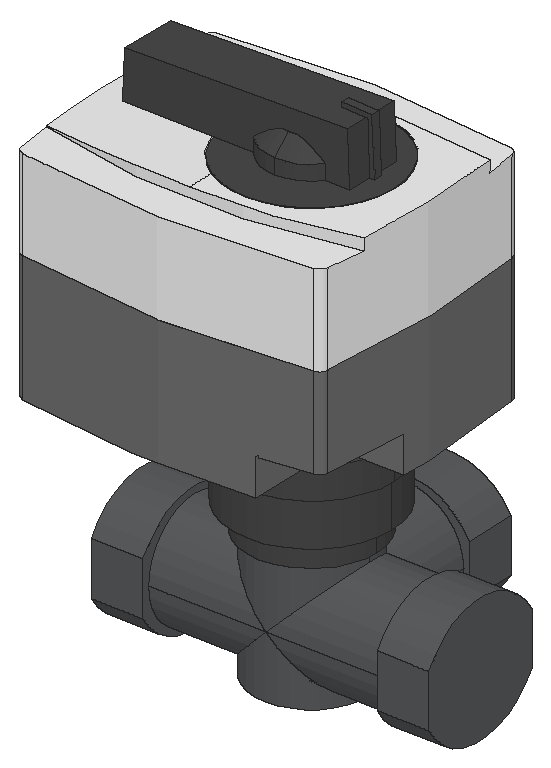
Revit family "HRE3_DN20-50_AMB 162(182)_RFA", category Pipe Accessories, Revit 2019
Family settings
  Round Connector Dimension = Use Diameter
  Part Type = Valve - Breaks Into
  OmniClass Number = 23.65.55.14.17
  OmniClass Title = Adjusting/Controlling Valves for Liquid Services
  Work Plane-Based = No
  Always vertical = Yes
  Cut with Voids When Loaded = No
  Shared = No
Parameters (values of type "HRE3_DN20_065Z0418")
  connector length = 16 mm
  horizontal body diameter = 36 mm
  h2 = 19.5 mm
  h1 = 21.2 mm
  diameter3 = 36 mm
  diameter2 = 40.7 mm
  diameter1 = 50 mm
  connector width = 40 mm
  connector radius = 23 mm
  connector height = 16.5 mm
  Weight = 0.90 kg
  W = 77.5 mm
  Voltage = if(or(Actuator Type = [082H0273], Actuator Type = [082H0228], Actuator Type = [082H0225], Actuator Type = [082H0226], Actuator Type = [082H0229], Actuator Type = [082H0227], Actuator Type = [082H0277], Actuator Type = [082H0240], Actuator Type = [082H0239], Actuator Type = [082H0232]), 230 V, 24 V)  # 24 V
  Valve Body Material = Danfoss Cast Iron
  URL = "https://store.danfoss.com/en/Climate-Solutions-for-heating/Motorised-Control-Valves-/Rotary-Valves/Valves-for-Central-Heating/c/4115?q=%3Arelevance%3Adanfoss_producttypehierarchydesc%3A15ef0707cdc27c39cfdaf8e502c7d64a7072a8a2&text="
  Pressure Drop [instance] = 0.0 Pa
  Power = if(or(Actuator Type = [082H0277], Actuator Type = [082H0276], Actuator Type = [082H0240], Actuator Type = [082H0239], Actuator Type = [082H0232], Actuator Type = [082H0236], Actuator Type = [082H0235], Actuator Type = [082H0231], Actuator Type = [082H0241]), 3.5 VA, 2.5 VA)  # 2.5 VA
  Operating Torque = "5 Nm"  # constant formula
  Nominal Pressure = "PN 6"  # constant formula
  Model Type = "HRE3_DN20"
  Model = "065Z0418"
  Min Medium Temperature = "2°C"  # constant formula
  Max Medium Temperature = "110 °C"  # constant formula
  Manufacturer = "Danfoss"  # constant formula
  LOD 350 = not(LOD 200)  # yes
  LOD 200 = no
  L = 105 mm
  Kvs = 6.3 m³/h
  IfcExportType = "HRE3"  # constant formula
  IfcExportAs = "IfcValveType"  # constant formula
  Ha = 143.885 mm
  H = 163.885 mm
  Flow [instance] = 0.0 m³/h
  Description = "Motorized Control Valve"  # constant formula
  D = 20 mm
  Connection = "Internal Thread"  # constant formula
  Actuator Type = AMB 162(182)_RFA : AMB 162_3-point_24V_30s/°_082H0211_082H0216
  A = 52.5 mm
  082H0277 = AMB 162(182)_RFA : AMB 182_2-point_230V_60s/°_082H0275_082H0277
  082H0276 = AMB 162(182)_RFA : AMB 182_2-point_24V_60s/°_082H0274_082H0276
  082H0273 = AMB 162(182)_RFA : AMB 162_2-point_230V_15s/°_082H0271_082H0273
  082H0241 = AMB 162(182)_RFA : AMB 182_Modulating_24V_60/90/120s/°_082H0241
  082H0240 = AMB 162(182)_RFA : AMB 182_3-point_230V_240s/°_082H0238_082H0240
  082H0239 = AMB 162(182)_RFA : AMB 182_3-point_230V_60s/°_082H0237_082H0239
  082H0236 = AMB 162(182)_RFA : AMB 182_3-point_24V_240s/°_082H0234_082H0236
  082H0235 = AMB 162(182)_RFA : AMB 182_3-point_24V_60s/°_082H0233_082H0235
  082H0232 = AMB 162(182)_RFA : AMB 182_3-point_230V_60s/°_10Nm_082H0232
  082H0231 = AMB 162(182)_RFA : AMB 182_3-point_24V_60s/°_10Nm_082H0231
  082H0229 = AMB 162(182)_RFA : AMB 162_3-point_230V_480s/°_082H0224_082H0229
  082H0228 = AMB 162(182)_RFA : AMB 162_3-point_230V_120s/°_082H0223_082H0228
  082H0227 = AMB 162(182)_RFA : AMB 162_3-point_230V_60s/°_082H0222_082H0227
  082H0226 = AMB 162(182)_RFA : AMB 162_3-point_230V_30s/°_082H0221_082H0226
  082H0225 = AMB 162(182)_RFA : AMB 162_3-point_230V_15s/°_082H0220_082H0225
Types (6, lengths in mm): name | connector length | horizontal body diameter | h2 | h1 | diameter3 | diameter2 | diameter1 | connector width | connector radius | connector height | Weight | W | Model Type | Model | L | Kvs | Ha | H | D | A
  (no name) | 16 | 36 | 19.5 | 21.2 | 36 | 40.7 | 50 | 40 | 23 | 16.5 | 0.90 kg | 77.5 | "HRE3_DN20" | "065Z0418" | 105 | 6.3 m³/h | 143.885 | 163.885 | 20 | 52.5
  HRE3_DN20_065Z0418 | 16 | 36 | 19.5 | 21.2 | 36 | 40.7 | 50 | 40 | 23 | 16.5 | 0.90 kg | 77.5 | "HRE3_DN20" | "065Z0418" | 105 | 6.3 m³/h | 143.885 | 163.885 | 20 | 52.5
  HRE3_DN25_065Z0419 | 16 | 44 | 22 | 26 | 45 | 49.7 | 60 | 46 | 27 | 21.2 | 1.20 kg | 84 | "HRE3_DN25" | "065Z0419" | 108 | 10.0 m³/h | 148.685 | 171.685 | 25 | 54
  HRE3_DN32_065Z0420 | 16 | 51 | 27.5 | 36 | 51 | 55.8 | 66 | 55 | 31.5 | 21.3 | 1.60 kg | 90.5 | "HRE3_DN32" | "065Z0420" | 115 | 16.0 m³/h | 158.685 | 185.685 | 32 | 57.5
  HRE3_DN40_065Z0421 | 20 | 60 | 28 | 36 | 58 | 62.8 | 73 | 60 | 34 | 24.7 | 2.00 kg | 96.5 | "HRE3_DN40" | "065Z0421" | 120 | 25.0 m³/h | 158.685 | 188.685 | 40 | 60
  HRE3_DN50_065Z0422 | 20 | 72 | 32 | 42 | 71 | 75.9 | 86 | 80 | 45 | 32.9 | 3.90 kg | 121 | "HRE3_DN50" | "065Z0422" | 156 | 40.0 m³/h | 164.685 | 205.685 | 50 | 78
Reference planes
  plane 1 "Center (Front/Back)": y = 0
  plane 2: z = 0
  plane 3 "Center (Left/Right)": x = 0
  plane 4: x = -52.5
  plane 5: x = 52.5
  plane 6: z = 29.2
  plane 7: y = 52.5
  plane 8: z = 43.2
  plane 9: z = 44.7
  plane 10: z = 21.2
  plane 11: z = -19.5
  plane 12: x = -36.5
  plane 13: x = 36.5
  plane 14: z = -18
  plane 15: z = 18
  plane 16: y = -20
  plane 17: y = 20
  plane 18: y = -27.5
  plane 19: y = 27.5
  plane 20: y = 36.5
  plane 21: x = 20
  plane 22: x = -20
  plane 23: y = -25
  plane 24: z = 605.203
  plane 25: z = 87.735
  plane 26: z = -19.965
  plane 27: z = 143.885
  plane 28: z = -20
Forms (mm)
  Extrusion 1, solid, material "Danfoss Plastic Black", visible <- "LOD 350", detail levels fine
    sketch origin (0, 0, 0) x (1, 0, 0) y (0, 1, 0)
      loop
        circle (0, 0) r 5.8
    from 43.2 to 44.7
  Extrusion 2, solid, material "Danfoss Plastic Black", visible <- "LOD 350", detail levels fine
    sketch origin (0, 0, 0) x (1, 0, 0) y (0, 1, 0)
      loop
        circle (0, 0) r 25
    from 29.2 to 43.2
  Extrusion 3, solid, material "Danfoss Plastic Black", visible <- "LOD 350", detail levels fine
    sketch origin (0, 0, 0) x (1, 0, 0) y (0, 1, 0)
      loop
        circle (0, 0) r 20.35
    from 21.2 to 29.2
  Extrusion 4, solid, material "Danfoss Cast Iron" <- "Valve Body Material", detail levels fine
    sketch origin (0, 0, 0) x (1, 0, 0) y (0, 1, 0)
      loop
        circle (0, 0) r 18
    from -19.5 to 21.2
  Extrusion 5, solid, material "Danfoss Cast Iron" <- "Valve Body Material", visible <- "LOD 350", detail levels fine
    sketch origin (0, 0, 0) x (0, 1, 0) y (0, 0, 1)
      loop
        circle (0, 0) r 18
    from -36.5 to 36.5
  Extrusion 6, solid, material "Danfoss Cast Iron" <- "Valve Body Material", visible <- "LOD 350", detail levels fine
    sketch origin (0, 0, 0) x (0, 1, 0) y (0, 0, 1)
      loop
        arc (-20, -8.25) -> (0, -19.892) -> (20, -8.25) r 23
        line (20, -8.25) -> (20, 8.25)
        arc (20, 8.25) -> (0, 19.892) -> (-20, 8.25) r 23
        line (-20, 8.25) -> (-20, -8.25)
    from 36.5 to 52.5
  Extrusion 7, solid, material "Danfoss Cast Iron" <- "Valve Body Material", visible <- "LOD 350", detail levels fine
    sketch origin (19.35, 72.838, 0) x (-1, 0, 0) y (0, 0, 1)
      loop
        arc (-0.65, -8.25) -> (19.35, -19.892) -> (39.35, -8.25) r 23
        line (39.35, -8.25) -> (39.35, 8.25)
        arc (39.35, 8.25) -> (19.35, 19.892) -> (-0.65, 8.25) r 23
        line (-0.65, 8.25) -> (-0.65, -8.25)
    from -36.338 to -20.338
  Extrusion 8, solid, material "Danfoss Cast Iron" <- "Valve Body Material", visible <- "LOD 350", detail levels fine
    sketch origin (55.623, 150.351, 0) x (-1, 0, 0) y (0, 0, 1)
      loop
        circle (55.623, 0) r 18
    from -150.351 to -113.851
  Extrusion 9, solid, material "Danfoss Cast Iron" <- "Valve Body Material", visible <- "LOD 350", detail levels fine
    sketch origin (0, 0, 0) x (0, 1, 0) y (0, 0, 1)
      loop
        arc (-20, -8.25) -> (0, -19.892) -> (20, -8.25) r 23
        line (20, -8.25) -> (20, 8.25)
        arc (20, 8.25) -> (0, 19.892) -> (-20, 8.25) r 23
        line (-20, 8.25) -> (-20, -8.25)
    from -52.5 to -36.5
  Extrusion 10, solid, material "Danfoss Cast Iron" <- "Valve Body Material", visible <- "LOD 200", detail levels fine
    sketch origin (0, 0, 0) x (0, 1, 0) y (0, 0, 1)
      loop
        circle (0, 0) r 20
    from -52.5 to 52.5
  Extrusion 11, solid, material "Danfoss Plastic Black", visible <- "LOD 200", detail levels fine
    sketch origin (0, 0, 0) x (1, 0, 0) y (0, 1, 0)
      loop
        circle (0, 0) r 25
    from 21.2 to 44.7
  Extrusion 12, solid, material "Danfoss Cast Iron" <- "Valve Body Material", visible <- "LOD 200", detail levels fine
    sketch origin (0, 0, 0) x (1, 0, 0) y (0, 0, 1)
      loop
        circle (0, 0) r 20
    from -52.5 to 0
Dimensions and locks
  equal spacing: plane 5, plane 3 "Center (Left/Right)", plane 4
  "L": plane 5 to plane 4
  "A": plane 7 to plane 1 "Center (Front/Back)"
  locked: plane 8 to plane 6 at 14
  locked: plane 9 to plane 8 at 1.5
  locked: plane 6 to plane 10 at 8
  "h1": plane 10 to level
  "h2": level to plane 11
  equal spacing: plane 15, level, plane 14
  "horizontal body diameter": plane 15 to plane 14
  equal spacing: plane 16, plane 1 "Center (Front/Back)", plane 17
  "connector width": plane 16 to plane 17
  "connector length": plane 13 to plane 5
  "connector length": plane 12 to plane 4
  equal spacing: Extrusion 6 sketch curve, level, Extrusion 6 sketch curve  (x2)
  "connector height": Extrusion 6 sketch curve to Extrusion 6 sketch curve  (x2)
  "connector length": plane 7 to plane 20
  "connector height": Extrusion 7 sketch curve to Extrusion 7 sketch curve  (x2)
  equal spacing: plane 22, plane 3 "Center (Left/Right)", plane 21
  "connector width": plane 22 to plane 21
  equal spacing: Extrusion 7 sketch curve, level, Extrusion 7 sketch curve  (x2)
  "connector height": Extrusion 9 sketch curve to Extrusion 9 sketch curve  (x2)
  equal spacing: Extrusion 9 sketch curve, level, Extrusion 9 sketch curve  (x2)
  "W": plane 23 to plane 7
  locked: plane 25 to plane 9 at 43.035
  "H": plane 27 to plane 28
  "Ha": plane 27 to level
  "diameter1": diameter of Extrusion 2 sketch curve
  "diameter2": diameter of Extrusion 3 sketch curve
  "diameter3": diameter of Extrusion 4 sketch curve
  "horizontal body diameter": diameter of Extrusion 5 sketch curve
  "connector radius": radius of Extrusion 6 sketch curve  (x2)
  "connector radius": radius of Extrusion 7 sketch curve  (x2)
  "horizontal body diameter": diameter of Extrusion 8 sketch curve
  "connector radius": radius of Extrusion 9 sketch curve  (x2)
  "connector width": diameter of Extrusion 10 sketch curve
  "diameter1": diameter of Extrusion 11 sketch curve
  "connector width": diameter of Extrusion 12 sketch curve
  aligned and locked: level to plane 2
  aligned and locked: plane 9 to Extrusion 1
  aligned and locked: Extrusion 1 to plane 8
  aligned and locked: plane 6 to Extrusion 2
  aligned and locked: plane 8 to Extrusion 2
  aligned and locked: Extrusion 3 to plane 10
  aligned and locked: Extrusion 3 to plane 6
  aligned and locked: Extrusion 4 to plane 11
  aligned and locked: plane 10 to Extrusion 4
  aligned and locked: plane 12 to Extrusion 5
  aligned and locked: Extrusion 5 to plane 13
  aligned and locked: plane 13 to Extrusion 6
  aligned and locked: plane 5 to Extrusion 6
  aligned and locked: plane 16 to Extrusion 6 sketch curve
  aligned and locked: Extrusion 7 to plane 20
  aligned and locked: plane 7 to Extrusion 7
  aligned and locked: plane 21 to Extrusion 7 sketch curve
  aligned and locked: plane 22 to Extrusion 7 sketch curve
  aligned and locked: plane 1 "Center (Front/Back)" to Extrusion 8
  aligned and locked: plane 20 to Extrusion 8
  aligned and locked: Extrusion 9 to plane 4
  aligned and locked: Extrusion 9 to plane 12
  aligned and locked: Extrusion 10 to plane 4
  aligned and locked: plane 5 to Extrusion 10
  aligned and locked: plane 9 to Extrusion 11
  aligned and locked: Extrusion 11 to plane 10
  aligned and locked: plane 7 to Extrusion 12
  aligned and locked: plane 1 "Center (Front/Back)" to Extrusion 12
  aligned and locked: plane 1 "Center (Front/Back)" to nested 2
  aligned and locked: plane 3 "Center (Left/Right)" to nested 2
  aligned and locked: plane 8 to nested 2
Automatic sketch dimensions
  plane 1 "Center (Front/Back)" to Extrusion 1 sketch curve = 0 mm
  Extrusion 1 sketch curve to plane 3 "Center (Left/Right)" = 0 mm
  plane 1 "Center (Front/Back)" to Extrusion 2 sketch curve = 0 mm
  Extrusion 2 sketch curve to plane 3 "Center (Left/Right)" = 0 mm
  plane 1 "Center (Front/Back)" to Extrusion 3 sketch curve = 0 mm
  Extrusion 3 sketch curve to plane 3 "Center (Left/Right)" = 0 mm
  plane 1 "Center (Front/Back)" to Extrusion 4 sketch curve = 0 mm
  Extrusion 4 sketch curve to plane 3 "Center (Left/Right)" = 0 mm
  Extrusion 5 sketch curve to level = 0 mm
  Extrusion 5 sketch curve to plane 1 "Center (Front/Back)" = 0 mm
  Extrusion 6 sketch curve to plane 1 "Center (Front/Back)" = 0 mm
  Extrusion 8 sketch curve to level = 0 mm
  Extrusion 8 sketch curve to plane 3 "Center (Left/Right)" = 0 mm
  Extrusion 9 sketch curve to plane 16 = 0 mm
  Extrusion 9 sketch curve to plane 1 "Center (Front/Back)" = 0 mm
  Extrusion 10 sketch curve to level = 0 mm
  Extrusion 10 sketch curve to plane 1 "Center (Front/Back)" = 0 mm
  plane 1 "Center (Front/Back)" to Extrusion 11 sketch curve = 0 mm
  Extrusion 11 sketch curve to plane 3 "Center (Left/Right)" = 0 mm
  Extrusion 12 sketch curve to level = 0 mm
  Extrusion 12 sketch curve to plane 3 "Center (Left/Right)" = 0 mm
  radius of Extrusion 1 sketch curve = 5.8 mm
Nested families
  nested 1: "HRE3 Symbol_Actuator" at (0, 0, 0), horiontal body diameter <- "horizontal body diameter", A <- "A", length <- "L", type "HRE3 Symbol _Actuator", detail levels coarse+medium
    with length 105 mm, horiontal body diameter 36 mm, D/2 18 mm, A 52.5 mm
  nested 2: "AMB 162(182)_RFA" at (0, 0, 43.2), LOD 200 <- "LOD 200", Voltage <- "Voltage", Power <- "Power", type <- "Actuator Type", type "AMB 162_3-point_24V_30s/°_082H0211_082H0216", detail levels fine
    with Voltage 24 V, Power 2.5 VA, LOD 350 yes, LOD 200 no
Connectors
  piping at (52.5, 0, 0), diameter 20, driven by "D", driven by "Flow"
    settings: on Extrusion 6, index 1, connector inside diameter 609.6 mm, connector length 0 mm, flow factor 0, pipe flow 0.0 m³/h, pressure drop 0.0 Pa, fitting loss kfactor 0, connector angle 0.00°, fixture units 0, engagement length 0 mm, angle of deflection 0.00°, flow configuration 0, flow direction 0, fitting loss method 0, system type 29, joint type 0, gender type 0, connector reference index 2, connector utility 0, adjustable connector no, is connector primary yes, connector description ""
  piping at (-52.5, 0, 0), diameter 20, driven by "D", driven by "Flow"
    settings: on Extrusion 9, index 2, connector inside diameter 609.6 mm, connector length 0 mm, flow factor 0, pipe flow 0.0 m³/h, pressure drop 0.0 Pa, fitting loss kfactor 0, connector angle 0.00°, fixture units 0, engagement length 0 mm, angle of deflection 0.00°, flow configuration 0, flow direction 0, fitting loss method 0, system type 29, joint type 0, gender type 0, connector reference index 1, connector utility 0, adjustable connector no, is connector primary no, connector description ""
  piping at (0, 52.5, 0), diameter 20, driven by "D", driven by "Flow"
    settings: on Extrusion 12, index 3, connector inside diameter 609.6 mm, connector length 0 mm, flow factor 0, pipe flow 0.0 m³/h, pressure drop 0.0 Pa, fitting loss kfactor 0, connector angle 0.00°, fixture units 0, engagement length 0 mm, angle of deflection 0.00°, flow configuration 0, flow direction 0, fitting loss method 0, system type 29, joint type 0, gender type 0, connector reference index -1, connector utility 0, adjustable connector no, is connector primary no, connector description ""
  electrical at (0, 0, 0), driven by "Voltage", driven by "Power"
    settings: index 10, voltage 24 V, apparent load 0 VA, apparent load phase1 2.5 VA, apparent load phase2 0 VA, apparent load phase3 0 VA, power factor 0.95, load classification "HVAC", number of poles 1, system type 31, power factor state 1, is connector primary yes, connector utility no, sub classification motor no, connector description ""
Definition of nested family "AMB 162(182)_RFA"
  Parameters (values of type "AMB 182_Modulating_24V_60/90/120s/°_082H0241")
    With Auxiliary Switch = "NA"
    Weight = 0.80 kg
    W = 84 mm
    Voltage [instance] = 24 V
    URL = "https://store.danfoss.com/en/Climate-Solutions-for-heating/Motorised-Control-Valves/Actuators-without-safety-function-for-rotary-valves/c/4113?q=%3Arelevance&text="
    Type Comments = ""
    Speed = "60/90/120 s/°"
    Power Supply = "24 VAC/DC"
    Power Consumption = "3.5 VA"
    Power [instance] = 3.5 VA
    Operating Torque = "15 Nm"
    Model Type = "AMB 182_Modulating_24V_60/90/120s/°"
    Model = "082H0241"
    Min Ambient Temperature = "0 °C"  # constant formula
    Max Medium Temperature = "110 °C"  # constant formula
    Max Ambient Temperature = "50 °C"  # constant formula
    Manufacturer = "Danfoss"  # constant formula
    LOD 350 [instance] = not(LOD 200)  # yes
    LOD 200 [instance] = no
    L = 101 mm
    IfcExportType = "AMB Actuator"  # constant formula
    IfcExportAs = "IfcActuatorType"  # constant formula
    H = 100.685 mm
    For Rotary Valve DN = "DN15-150"
    Description = "Gear Actuator"  # constant formula
    Control Input Signal = "Modulating"
    Body Material = none
  Types (22, lengths in mm): name | With Auxiliary Switch | Weight | Voltage | Speed | Power Supply | Power Consumption | Power | Operating Torque | Model Type | Model | For Rotary Valve DN | Control Input Signal
    AMB 162_2-point_24V_15s/°_082H0270_082H0272 | "082H0272" | 0.70 kg | 24 V | "15 s/°" | "24 VAC" | "2.5 VA" | 2.5 VA | "5 Nm" | "AMB 162_2-point_24V_15s/°" | "082H0270, 082H0272" | "DN15-50" | "2-point"
    AMB 162_3-point_230V_15s/°_082H0220_082H0225 | "082H0225" | 0.70 kg | 230 V | "15 s/°" | "230 VAC" | "2.5 VA" | 2.5 VA | "5 Nm" | "AMB 162_3-point_230V_15s/°" | "082H0220, 082H0225" | "DN15-50" | "3-point"
    AMB 162_2-point_230V_15s/°_082H0271_082H0273 | "082H0273" | 0.70 kg | 230 V | "15 s/°" | "230 VAC" | "2.5 VA" | 2.5 VA | "5 Nm" | "AMB 162_2-point_230V_15s/°" | "082H0271, 082H0273" | "DN15-50" | "2-point"
    AMB 162_3-point_24V_15s/°_082H0210_082H0215 | "082H0215" | 0.70 kg | 24 V | "15 s/°" | "24 VAC" | "2.5 VA" | 2.5 VA | "5 Nm" | "AMB 162_3-point_24V_15s/°_" | "082H0210, 082H0215" | "DN15-50" | "3-point"
    AMB 162_3-point_24V_30s/°_082H0211_082H0216 | "082H0216" | 0.70 kg | 24 V | "30 s/°" | "24 VAC" | "2.5 VA" | 2.5 VA | "5 Nm" | "AMB 162_3-point_24V_30s/°" | "082H0211, 082H0216" | "DN15-50" | "3-point"
    AMB 162_3-point_24V_60s/°_082H0212_082H0217 | "082H0217" | 0.70 kg | 24 V | "60 s/°" | "24 VAC" | "2.5 VA" | 2.5 VA | "5 Nm" | "AMB 162_3-point_24V_60s/°" | "082H0212, 082H0217" | "DN15-50" | "3-point"
    AMB 162_3-point_24V_120s/°_082H0213_082H0218 | "082H0218" | 0.70 kg | 24 V | "120 s/°" | "24 VAC" | "2.5 VA" | 2.5 VA | "5 Nm" | "AMB 162_3-point_24V_120s/°" | "082H0213, 082H0218" | "DN15-50" | "3-point"
    AMB 162_3-point_24V_480s/°_082H0214_082H0219 | "082H0219" | 0.70 kg | 24 V | "120 s/°" | "24 VAC" | "2.5 VA" | 2.5 VA | "5 Nm" | "AMB 162_3-point_24V_480s/°" | "082H0214, 082H0219" | "DN15-50" | "3-point"
    AMB 162_3-point_230V_30s/°_082H0221_082H0226 | "082H0226" | 0.70 kg | 230 V | "30 s/°" | "230 VAC" | "2.5 VA" | 2.5 VA | "5 Nm" | "AMB 162_3-point_230V_30s/°" | "082H0221, 082H0226" | "DN15-50" | "3-point"
    AMB 162_3-point_230V_60s/°_082H0222_082H0227 | "082H0227" | 0.70 kg | 230 V | "60 s/°" | "230 VAC" | "2.5 VA" | 2.5 VA | "5 Nm" | "AMB 162_3-point_230V_60s/°" | "082H0222, 082H0227" | "DN15-50" | "3-point"
    AMB 162_3-point_230V_120s/°_082H0223_082H0228 | "082H0228" | 0.70 kg | 230 V | "120 s/°" | "230 VAC" | "2.5 VA" | 2.5 VA | "5 Nm" | "AMB 162_3-point_230V_120s/°" | "082H0223, 082H0228" | "DN15-50" | "3-point"
    AMB 162_3-point_230V_480s/°_082H0224_082H0229 | "082H0229" | 0.70 kg | 230 V | "480 s/°" | "230 VAC" | "2.5 VA" | 2.5 VA | "5 Nm" | "AMB 162_3-point_230V_480s/°" | "082H0224, 082H0229" | "DN15-50" | "3-point"
    AMB 162_Modulating_24V_60/90/120s/°_082H0230 | "NA" | 0.70 kg | 24 V | "60/90/120 s/°" | "24 VAC/DC" | "2.5 VA" | 2.5 VA | "5 Nm" | "AMB 162_Modulating_24V_60/90/120s/°" | "082H0230" | "DN15-50" | "Modulating"
    AMB 182_2-point_230V_60s/°_082H0275_082H0277 | "082H0277" | 0.80 kg | 230 V | "60 s/°" | "230 VAC" | "2.5 VA" | 3.5 VA | "15 Nm" | "AMB 182_2-point_230V_60s/°" | "082H0275, 082H0277" | "DN15-150" | "2-point"
    AMB 182_2-point_24V_60s/°_082H0274_082H0276 | "082H0276" | 0.80 kg | 24 V | "60 s/°" | "24 VAC" | "2.5 VA" | 3.5 VA | "15 Nm" | "AMB 182_2-point_24V_60s/°" | "082H0274, 082H0276" | "DN15-150" | "2-point"
    AMB 182_3-point_230V_60s/°_082H0237_082H0239 | "082H0239" | 0.80 kg | 230 V | "60 s/°" | "230 VAC" | "3.5 VA" | 3.5 VA | "15 Nm" | "AMB 182_3-point_230V_60s/°" | "082H0237, 082H0239" | "DN15-150" | "3-point"
    AMB 182_3-point_24V_60s/°_082H0233_082H0235 | "082H0235" | 0.80 kg | 24 V | "60 s/°" | "24 VAC" | "3.5 VA" | 3.5 VA | "15 Nm" | "AMB 182_3-point_24V_60s/°" | "082H0233, 082H0235" | "DN15-150" | "3-point"
    AMB 182_3-point_24V_60s/°_10Nm_082H0231 | "NA" | 0.80 kg | 24 V | "60 s/°" | "24 VAC" | "3.5 VA" | 3.5 VA | "10 Nm" | "AMB 182_3-point_24V_60s/°_10Nm" | "082H0231" | "DN15-100" | "3-point"
    AMB 182_3-point_230V_60s/°_10Nm_082H0232 | "NA" | 0.80 kg | 230 V | "60 s/°" | "230 VAC" | "3.5 VA" | 3.5 VA | "10 Nm" | "AMB 182_3-point_230V_60s/°_10Nm" | "082H0232" | "DN15-100" | "3-point"
    AMB 182_3-point_24V_240s/°_082H0234_082H0236 | "082H0236" | 0.80 kg | 24 V | "240 s/°" | "24 VAC" | "3.5 VA" | 3.5 VA | "15 Nm" | "AMB 182_3-point_24V_240s/°" | "082H0234, 082H0236" | "DN15-150" | "3-point"
    AMB 182_3-point_230V_240s/°_082H0238_082H0240 | "082H0240" | 0.80 kg | 230 V | "240 s/°" | "230 VAC" | "3.5 VA" | 3.5 VA | "15 Nm" | "AMB 182_3-point_230V_240s/°" | "082H0238, 082H0240" | "DN15-150" | "3-point"
    AMB 182_Modulating_24V_60/90/120s/°_082H0241 | "NA" | 0.80 kg | 24 V | "60/90/120 s/°" | "24 VAC/DC" | "3.5 VA" | 3.5 VA | "15 Nm" | "AMB 182_Modulating_24V_60/90/120s/°" | "082H0241" | "DN15-150" | "Modulating"
  Reference planes
    plane 1 "Center (Front/Back)": y = 0
    plane 2: z = 0
    plane 3 "Center (Left/Right)": x = 0
    plane 4: z = 9.5
    plane 5: y = -41.931
    plane 6: y = 42.069
    plane 7: x = 36.5
    plane 8: x = -64.5
    plane 9: y = 36.069
    plane 10: x = 30.5
    plane 11: x = -61.5
    plane 12: x = 33.5
    plane 13: y = 39.069
    plane 14: y = -38.931
    plane 15: x = -58.5
    plane 16: y = -35.931
    plane 17: x = -14
    plane 18: z = 49.5
    plane 19: y = 36.069
    plane 20: x = 160.5
    plane 21: x = 68.5
    plane 22: x = 163.5
    plane 23: y = 39.069
    plane 24: y = -38.931
    plane 25: x = 71.5
    plane 26: y = -35.931
    plane 27: x = 116
    plane 28: z = 81.472
    plane 29: y = -9.5
    plane 30: z = 100.685
  Forms (mm)
    Revolve 1, solid, detail levels fine
      sketch origin (0, 0, 0) x (1, 0, 0) y (0, 0, 1)
        loop
          line (0, 9.5) -> (0, 0) -> (26, 0) -> (26, 9.5) -> (0, 9.5)
        axis (0, 9.5) -> (0, 0)
      angle from 0 to 360
    Extrusion 2, solid, visible <- "LOD 350", detail levels fine
      sketch origin (0, 0, 0) x (1, 0, 0) y (0, 0, 1)
        loop
          line (-51.913, 82.5) -> (18.847, 82.5) -> (18.304, 99.204)
          arc (18.304, 99.204) -> (-16.441, 99.254) -> (-51.134, 97.349) r 617.491
          line (-51.134, 97.349) -> (-51.913, 82.5)
      from -9.091 to 8.652
    Extrusion 3, solid, visible <- "LOD 350", detail levels fine
      sketch origin (0, 0, 0) x (1, 0, 0) y (0, 0, 1)
        loop
          line (18.847, 82.5) -> (20.557, 82.5) -> (19.789, 100.4) -> (10.425, 100.685) -> (10.425, 99.387)
          arc (10.425, 99.387) -> (14.365, 99.308) -> (18.304, 99.204) r 617.491
          line (18.304, 99.204) -> (18.847, 82.5)
      from -1.24 to 1.241
    Extrusion 4, solid, material <- "Body Material", visible <- "LOD 350", detail levels fine
      sketch origin (0, 0, 0) x (1, 0, 0) y (0, 1, 0)
        loop
          arc (-59.389, 38.075) -> (-61.013, 37.216) -> (-61.831, 35.571) r 3
          arc (-61.831, 35.571) -> (-64.511, 0) -> (-61.831, -35.571) r 237.436
          arc (-61.831, -35.571) -> (-61.013, -37.216) -> (-59.389, -38.075) r 3
          arc (-59.389, -38.075) -> (-14.052, -42.151) -> (31.314, -38.419) r 265.38
          arc (31.314, -38.419) -> (32.951, -37.564) -> (33.778, -35.913) r 3
          arc (33.778, -35.913) -> (36.5, -0.174) -> (33.83, 35.57) r 238.281
          arc (33.83, 35.57) -> (33.012, 37.216) -> (31.388, 38.076) r 3
          arc (31.388, 38.076) -> (-14.001, 42.069) -> (-59.389, 38.075) r 259.947
      from 9.5 to 49.5
    Extrusion 5, solid, visible <- "LOD 350", detail levels fine
      sketch origin (130, 0, 0) x (1, 0, 0) y (0, 1, 0)
        loop
          arc (-189.389, 38.075) -> (-191.013, 37.216) -> (-191.831, 35.571) r 3
          arc (-191.831, 35.571) -> (-194.511, 0) -> (-191.831, -35.571) r 237.436
          arc (-191.831, -35.571) -> (-191.013, -37.216) -> (-189.389, -38.075) r 3
          arc (-189.389, -38.075) -> (-144.052, -42.151) -> (-98.686, -38.419) r 265.38
          arc (-98.686, -38.419) -> (-97.049, -37.564) -> (-96.222, -35.913) r 3
          arc (-96.222, -35.913) -> (-93.5, -0.174) -> (-96.17, 35.57) r 238.281
          arc (-96.17, 35.57) -> (-96.988, 37.216) -> (-98.612, 38.076) r 3
          arc (-98.612, 38.076) -> (-144.001, 42.069) -> (-189.389, 38.075) r 259.947
      from 49.5 to 81.472
    Extrusion 6, void
      sketch origin (0, 0, 0) x (1, 0, 0) y (0, 1, 0)
        loop
          arc (-61.831, 35.571) -> (-62.54, 30.529) -> (-63.14, 25.473) r 237.436
          arc (-63.14, 25.473) -> (-14.003, 29.568) -> (35.135, 25.473) r 296.829
          arc (35.135, 25.473) -> (34.536, 30.528) -> (33.83, 35.57) r 238.281
          arc (33.83, 35.57) -> (33.012, 37.216) -> (31.388, 38.076) r 3
          arc (31.388, 38.076) -> (-14.001, 42.069) -> (-59.389, 38.075) r 259.947
          arc (-59.389, 38.075) -> (-61.013, 37.216) -> (-61.831, 35.571) r 3
      from 78 to 100.685
    Extrusion 7, void
      sketch origin (0, 0, 0) x (1, 0, 0) y (0, 0, 1)
        loop
          line (-64.511, 49.5) -> (-64.511, 78.145)
          arc (-64.511, 78.145) -> (-39.06, 80.639) -> (-13.5, 81.472) r 392.786
          line (-13.5, 81.472) -> (36.5, 81.472) -> (36.5, 49.5) -> (41.5, 49.5) -> (41.5, 107.508) -> (-69.523, 107.508) -> (-69.523, 49.5) -> (-64.511, 49.5)
      from -62.358 to 46.308
    Extrusion 8, void
      sketch origin (0, 0, 0) x (1, 0, 0) y (0, 1, 0)
        loop
          line (-64.592, -23.625) -> (-62.779, -37.97)
          arc (-62.779, -37.97) -> (-14.187, -43.401) -> (34.407, -37.976) r 220.211
          line (34.407, -37.976) -> (36.595, -23.622)
          arc (36.595, -23.622) -> (-13.998, -30.547) -> (-64.592, -23.625) r 188.309
      from 78 to 100.685
    Revolve 9, solid, visible <- "LOD 350", detail levels fine
      sketch origin (0, 0, 0) x (0, 1, 0) y (0, 0, 1)
        loop
          line (0, 92.255) -> (0, 81.472) -> (10.185, 81.472) -> (10.185, 82.472) -> (14.169, 82.472) -> (14.169, 87.094) -> (9.007, 92.255) -> (0, 92.255)
        axis (0, 92.255) -> (0, 81.472)
      angle from 0 to 360
    Extrusion 10, solid, visible <- "LOD 350", detail levels fine
      sketch origin (0, 0, 0) x (1, 0, 0) y (0, 1, 0)
        loop
          circle (0, 0) r 25.661
      from 49.5 to 81.472
    Extrusion 11, void
      sketch origin (0, 0, 0) x (1, 0, 0) y (0, 0, 1)
        loop
          line (15.14, 9.5) -> (36.5, 9.5) -> (36.5, 20.859) -> (15.14, 20.859) -> (15.14, 9.5)
      from 9.5 to 49.81
    Extrusion 12, void
      sketch origin (0, 0, 0) x (1, 0, 0) y (0, 1, 0)
        loop
          circle (0, 0) r 26
      from 78 to 82.5
    Extrusion 13, solid, material <- "Body Material", visible <- "LOD 200", detail levels fine
      sketch origin (0, 0, 0) x (1, 0, 0) y (0, 1, 0)
        loop
          line (-64.5, 42.069) -> (-64.5, -41.931) -> (36.5, -41.931) -> (36.5, 42.069) -> (-64.5, 42.069)
      from 9.5 to 49.5
    Extrusion 14, solid, visible <- "LOD 200", detail levels fine
      sketch origin (0, 0, 0) x (1, 0, 0) y (0, 1, 0)
        loop
          line (-64.5, 42.069) -> (-64.5, -41.931) -> (36.5, -41.931) -> (36.5, 42.069) -> (-64.5, 42.069)
      from 49.5 to 81.472
    Extrusion 15, solid, visible <- "LOD 200", detail levels fine
      sketch origin (0, 0, 0) x (1, 0, 0) y (0, 1, 0)
        loop
          circle (0, 0) r 25.661
      from 81.472 to 82.5
    Extrusion 16, solid, visible <- "LOD 200", detail levels fine
      sketch origin (0, 0, 0) x (1, 0, 0) y (0, 0, 1)
        loop
          line (-51.913, 82.5) -> (20.557, 82.5) -> (20.557, 100.685) -> (-51.913, 100.685) -> (-51.913, 82.5)
      from -9.09 to 8.65
    Extrusion 17, solid
      sketch origin (0, 0, 0) x (1, 0, 0) y (0, 1, 0)
        loop
          line (-2.5, 13.5) -> (-2.5, 2.5) -> (-13.5, 2.5) -> (-13.5, -2.5) -> (-2.5, -2.5) -> (-2.5, -13.5) -> (2.5, -13.5) -> (2.5, -2.5) -> (13.5, -2.5) -> (13.5, 2.5) -> (2.5, 2.5) -> (2.5, 13.5) -> (-2.5, 13.5)
      from 0 to -2.5
  Cuts and joins
    Extrusion 6, Extrusion 7, Extrusion 8, Extrusion 12 cuts Extrusion 5
    Extrusion 11, Extrusion 12 cuts Extrusion 4
    Extrusion 12 cuts Revolve 1
  Dimensions and locks
    Revolve 1 sketch curve to plane 3 "Center (Left/Right)" = 26 mm
    "W": plane 6 to plane 5
    "L": plane 7 to plane 8
    locked: plane 29 to plane 1 "Center (Front/Back)" at 9.5
    "H": plane 30 to level
    plane 6 to plane 5 = 84 mm
    plane 4 to plane 2 = 9.5 mm
    locked: plane 18 to plane 4 at 40
    locked: plane 28 to plane 18 at 31.972
    locked: plane 30 to plane 28 at 19.213
    locked: Extrusion 15 to plane 28 at 1.028
    locked: cut or joined group of Extrusion 4, Extrusion 11, Extrusion 12 to plane 4 at 11.359
    plane 28 to cut or joined group of Extrusion 5, Extrusion 6, Extrusion 7, Extrusion 8, Extrusion 12 = 3.472 mm
    equal spacing: Extrusion 17 sketch curve, plane 3 "Center (Left/Right)", Extrusion 17 sketch curve  (x2)
    Extrusion 17 sketch curve to Extrusion 17 sketch curve = 5 mm  (x2)
    equal spacing: Extrusion 17 sketch curve, plane 1 "Center (Front/Back)", Extrusion 17 sketch curve  (x2)
    Extrusion 17 sketch curve to Extrusion 17 sketch curve = 27 mm  (x2)
    radius of Extrusion 5 sketch curve = 238.281 mm
    radius of Extrusion 5 sketch curve = 237.436 mm
    radius of Extrusion 5 sketch curve = 265.38 mm
    radius of Extrusion 5 sketch curve = 259.947 mm
    radius of Extrusion 4 sketch curve = 265.38 mm
    radius of Extrusion 4 sketch curve = 259.947 mm
    radius of Extrusion 4 sketch curve = 237.436 mm
    radius of Extrusion 4 sketch curve = 238.281 mm
    radius of Extrusion 10 sketch curve = 25.661 mm
    radius of Extrusion 12 sketch curve = 26 mm
    radius of Extrusion 15 sketch curve = 25.661 mm
    aligned and locked: level to plane 2
    aligned and locked: Revolve 1 sketch curve to plane 3 "Center (Left/Right)"  (x2)
    aligned and locked: Revolve 1 sketch curve to level
    aligned and locked: Revolve 1 sketch curve to plane 4
    aligned and locked: Extrusion 3 sketch curve to Extrusion 2  (x2)
    aligned and locked: Extrusion 4 to plane 4
    aligned and locked: plane 18 to Extrusion 4
    aligned and locked: Extrusion 5 to plane 18
    aligned and locked: Extrusion 6 sketch curve to Extrusion 4  (x5)
    aligned and locked: plane 1 "Center (Front/Back)" to Revolve 9 sketch curve
    aligned and locked: plane 28 to Revolve 9 sketch curve
    aligned and locked: plane 28 to Extrusion 10
    aligned and locked: Extrusion 10 to Extrusion 4
    aligned and locked: plane 7 to Extrusion 11 sketch curve
    aligned and locked: plane 29 to cut or joined group of Extrusion 4, Extrusion 11, Extrusion 12
    aligned and locked: Extrusion 13 sketch curve to plane 6
    aligned and locked: plane 8 to Extrusion 13 sketch curve
    aligned and locked: plane 5 to Extrusion 13 sketch curve
    aligned and locked: Extrusion 13 sketch curve to plane 7
    aligned and locked: plane 18 to Extrusion 13
    aligned and locked: Extrusion 14 sketch curve to Extrusion 13  (x4)
    aligned and locked: Extrusion 14 to plane 18
    aligned and locked: plane 28 to Extrusion 14
    aligned and locked: Extrusion 15 to plane 28
    aligned and locked: Extrusion 13 to plane 4
    aligned and locked: Extrusion 15 to Extrusion 2
    aligned and locked: plane 30 to Extrusion 8
    aligned and locked: Extrusion 11 to plane 4
    aligned and locked: Extrusion 8 to Extrusion 6  (x2)
    aligned and locked: Extrusion 12 to Extrusion 2
    aligned and locked: Extrusion 6 to Extrusion 12
    aligned and locked: plane 28 to Extrusion 5
    aligned and locked: plane 30 to Extrusion 16
    aligned and locked: Extrusion 17 sketch curve to Extrusion 17 sketch curve  (x4)
  Automatic sketch dimensions
    Revolve 1 sketch curve to level = 366.045 mm
    plane 28 to Extrusion 3 sketch curve = 1.028 mm
    Extrusion 3 sketch curve to Extrusion 3 sketch curve = 1.485 mm
    Extrusion 3 sketch curve to Extrusion 3 sketch curve = 1.711 mm
    plane 1 "Center (Front/Back)" to Extrusion 5 sketch curve = 0 mm  (x2)
    Extrusion 5 sketch curve to plane 8 = 137.281 mm
    Extrusion 5 sketch curve to plane 19 = 0.947 mm  (x2)
    plane 8 to Extrusion 5 sketch curve = 5.635 mm  (x2)
    plane 26 to Extrusion 5 sketch curve = 0.81 mm
    Extrusion 5 sketch curve to plane 3 "Center (Left/Right)" = 14 mm
    Extrusion 5 sketch curve to plane 3 "Center (Left/Right)" = 13.048 mm
    plane 26 to Extrusion 5 sketch curve = 0.471 mm
    Extrusion 5 sketch curve to plane 7 = 5.688 mm
    Extrusion 5 sketch curve to plane 7 = 5.636 mm
    plane 22 to Extrusion 5 sketch curve = 9.425 mm
    Extrusion 5 sketch curve to plane 5 = 175.947 mm
    plane 6 to Extrusion 5 sketch curve = 181.159 mm
    Extrusion 5 sketch curve to Extrusion 5 sketch curve = 0 mm  (x4)
    Extrusion 6 sketch curve to plane 3 "Center (Left/Right)" = 14.003 mm
    Extrusion 6 sketch curve to Extrusion 6 sketch curve = 49.382 mm
    plane 8 to Extrusion 6 sketch curve = 1.36 mm
    plane 5 to Extrusion 8 sketch curve = 3.962 mm
    plane 5 to Extrusion 8 sketch curve = 3.956 mm
    Extrusion 8 sketch curve to plane 8 = 0.092 mm
    Extrusion 8 sketch curve to plane 3 "Center (Left/Right)" = 14.003 mm
    plane 7 to Extrusion 8 sketch curve = 0.095 mm
    plane 6 to Extrusion 8 sketch curve = 115.693 mm
    Extrusion 8 sketch curve to Extrusion 8 sketch curve = 19.048 mm
    plane 8 to Extrusion 8 sketch curve = 1.721 mm
    Extrusion 8 sketch curve to plane 7 = 2.093 mm
    Extrusion 8 sketch curve to Extrusion 8 sketch curve = 14.354 mm
    Extrusion 7 sketch curve to plane 18 = 0 mm  (x2)
    Extrusion 7 sketch curve to plane 28 = 0 mm
    Extrusion 7 sketch curve to plane 7 = 0 mm
    Extrusion 7 sketch curve to plane 3 "Center (Left/Right)" = 13.5 mm
    Extrusion 7 sketch curve to plane 8 = 5.023 mm
    plane 7 to Extrusion 7 sketch curve = 5 mm
    Extrusion 7 sketch curve to level = 311.315 mm
    plane 28 to Extrusion 7 sketch curve = 26.036 mm
    Extrusion 7 sketch curve to plane 8 = 0.011 mm
    plane 3 "Center (Left/Right)" to Extrusion 2 sketch curve = 0.049 mm
    Extrusion 2 sketch curve to plane 7 = 18.196 mm
    plane 28 to Extrusion 2 sketch curve = 1.028 mm
    Extrusion 2 sketch curve to Extrusion 2 sketch curve = 0.543 mm
    Extrusion 2 sketch curve to level = 518.017 mm
    plane 8 to Extrusion 2 sketch curve = 12.587 mm
    Revolve 9 sketch curve to plane 1 "Center (Front/Back)" = 9.007 mm
    Revolve 9 sketch curve to Revolve 9 sketch curve = 5.161 mm  (x2)
    Revolve 9 sketch curve to Revolve 9 sketch curve = 4.622 mm
    Revolve 9 sketch curve to Revolve 9 sketch curve = 3.984 mm
    plane 28 to Revolve 9 sketch curve = 1 mm
    plane 1 "Center (Front/Back)" to Extrusion 10 sketch curve = 0 mm
    Extrusion 10 sketch curve to plane 3 "Center (Left/Right)" = 0 mm
    plane 4 to Extrusion 11 sketch curve = 11.359 mm
    Extrusion 11 sketch curve to plane 4 = 0 mm
    plane 1 "Center (Front/Back)" to Extrusion 4 sketch curve = 0 mm  (x2)
    Extrusion 4 sketch curve to plane 17 = 0 mm
    Extrusion 4 sketch curve to plane 15 = 0.365 mm  (x2)
    Extrusion 4 sketch curve to plane 8 = 137.281 mm
    plane 17 to Extrusion 4 sketch curve = 0.952 mm
    plane 10 to Extrusion 4 sketch curve = 0.312 mm
    plane 10 to Extrusion 4 sketch curve = 0.364 mm
    plane 7 to Extrusion 4 sketch curve = 136.425 mm
    plane 16 to Extrusion 4 sketch curve = 0.81 mm
    plane 16 to Extrusion 4 sketch curve = 0.471 mm
    Extrusion 4 sketch curve to plane 5 = 175.947 mm
    Extrusion 4 sketch curve to plane 9 = 0.947 mm  (x2)
    plane 6 to Extrusion 4 sketch curve = 181.159 mm
    Extrusion 4 sketch curve to Extrusion 4 sketch curve = 0 mm  (x4)
    plane 1 "Center (Front/Back)" to Extrusion 12 sketch curve = 0 mm
    Extrusion 12 sketch curve to plane 3 "Center (Left/Right)" = 0 mm
    plane 3 "Center (Left/Right)" to Extrusion 11 sketch curve = 15.14 mm
    plane 1 "Center (Front/Back)" to Extrusion 15 sketch curve = 0 mm
    Extrusion 15 sketch curve to plane 3 "Center (Left/Right)" = 0 mm
    plane 8 to Extrusion 16 sketch curve = 12.587 mm
    plane 28 to Extrusion 16 sketch curve = 1.028 mm
    Extrusion 16 sketch curve to plane 7 = 15.943 mm
    plane 28 to Revolve 1 sketch curve = 2139.343 mm
    plane 8 to Extrusion 2 sketch curve = 13.366 mm
    Extrusion 2 sketch curve to Extrusion 2 sketch curve = 14.849 mm
    Extrusion 16 sketch curve to Extrusion 16 sketch curve = 18.185 mm
    Extrusion 3 sketch curve to plane 30 = 0 mm
    Extrusion 3 sketch curve to plane 30 = 0.285 mm
    Extrusion 3 sketch curve to plane 30 = 1.298 mm
    Extrusion 17 sketch curve to plane 3 "Center (Left/Right)" = 13.5 mm
Definition of nested family "HRE3 Symbol_Actuator"
  Parameters (values of type "HRB3 Symbol_Actuator")
    length [instance] = 180 mm
    horiontal body diameter [instance] = 130 mm
    D/2 [instance] = horiontal body diameter / 2  # 65 mm
    A [instance] = 150 mm
  Reference planes
    plane 1 "Center (Front/Back)": y = 0
    plane 2: z = 0
    plane 3 "Center (Left/Right)": x = 0
    plane 4: x = -90
    plane 5: x = 90
    plane 6: y = 150
    plane 7: y = -65
    plane 8: y = 65
    plane 9: y = -130
    plane 10: z = 65
    plane 11: z = -65
    plane 12: x = -65
    plane 13: x = 65
    plane 14: z = 130
    plane 15: z = 260
    plane 16: y = -260
  Lines and regions (mm)
    symbolic lines
      curve 1: line (-90, 65, 0) -> (90, -65, 0)
      curve 2: line (90, -65, 0) -> (90, 65, 0)
      curve 3: line (90, 65, 0) -> (-90, -65, 0)
      curve 4: line (-90, -65, 0) -> (-90, 65, 0)
      curve 9: line (-65, 150, 0) -> (65, 150, 0)
      curve 10: line (65, 150, 0) -> (0.014, 0.01, 0)
      curve 11: line (-65, 150, 0) -> (0.014, 0.01, 0)
      curve 21: line (0.012, 0.009, 0) -> (0.012, -130, 0)
      curve 22: line (0.012, -130, 0) -> (65, -130, 0)
      curve 23: line (65, -130, 0) -> (65, -260, 0)
      curve 24: line (65, -260, 0) -> (-65, -260, 0)
      curve 25: line (-65, -260, 0) -> (-65, -130, 0)
      curve 26: line (-65, -130, 0) -> (0.012, -130, 0)
      curve 27: line (0, 0, 130) -> (0, 65, 130)
      curve 28: line (0, 65, 130) -> (0, 65, 260)
      curve 29: line (0, 65, 260) -> (0, -65, 260)
      curve 30: line (0, -65, 260) -> (0, -65, 130)
      curve 31: line (0, -65, 130) -> (0, 0, 130)
    model lines
      curve 5: line (-90, 0, 65) -> (-90, 0, -65)
      curve 6: line (-90, 0, -65) -> (90, 0, 65)
      curve 7: line (90, 0, 65) -> (90, 0, -65)
      curve 8: line (90, 0, -65) -> (-90, 0, 65)
      curve 12: line (0, 150, 65) -> (0, 0, 0)
      curve 13: line (0, 0, 0) -> (0, 150, -65)
      curve 14: line (0, 150, 65) -> (0, 150, -65)
      curve 15: line (0, 0, 0) -> (0, 0, 130)
      curve 16: line (0, 0, 130) -> (65, 0, 130)
      curve 17: line (65, 0, 130) -> (65, 0, 260)
      curve 18: line (65, 0, 260) -> (-65, 0, 260)
      curve 19: line (-65, 0, 260) -> (-65, 0, 130)
      curve 20: line (-65, 0, 130) -> (0, 0, 130)
  Dimensions and locks
    equal spacing: plane 4, plane 3 "Center (Left/Right)", plane 5
    "length": plane 4 to plane 5
    "A": plane 6 to plane 1 "Center (Front/Back)"
    equal spacing: plane 8, plane 1 "Center (Front/Back)", plane 7
    "horiontal body diameter": plane 8 to plane 7
    equal spacing: plane 10, level, plane 11
    "horiontal body diameter": plane 10 to plane 11
    equal spacing: plane 12, plane 3 "Center (Left/Right)", plane 13
    "horiontal body diameter": plane 12 to plane 13
    equal spacing: curve 25, plane 3 "Center (Left/Right)", curve 23
    equal spacing: curve 17, plane 3 "Center (Left/Right)", curve 19
    "horiontal body diameter": curve 19 to curve 17
    "horiontal body diameter": curve 25 to curve 23
    "horiontal body diameter": plane 15 to plane 14
    "D/2": plane 14 to plane 10
    "D/2": plane 7 to plane 9
    "horiontal body diameter": plane 9 to plane 16
    "horiontal body diameter": curve 30 to curve 28
    equal spacing: curve 30, plane 1 "Center (Front/Back)", curve 28
    aligned and locked: level to plane 2
    aligned and locked: plane 8 to curve 4
    aligned and locked: plane 8 to curve 2
    aligned and locked: plane 7 to curve 2
    aligned and locked: plane 7 to curve 4
    aligned and locked: plane 10 to curve 7
    aligned and locked: plane 10 to curve 5
    aligned and locked: plane 11 to curve 7
    aligned and locked: plane 11 to curve 5
    aligned and locked: plane 15 to curve 18
    aligned and locked: curve 20 to plane 14
    aligned and locked: plane 16 to curve 24
    aligned and locked: curve 22 to plane 9
    aligned and locked: curve 26 to plane 9
    aligned and locked: plane 15 to curve 29
    aligned and locked: curve 27 to plane 14
  Automatic sketch dimensions
    curve 13 to level = 0 mm
    curve 13 to plane 1 "Center (Front/Back)" = 0 mm
    curve 27 to plane 1 "Center (Front/Back)" = 0 mm
    curve 14 to plane 6 = 0 mm
    curve 13 to plane 11 = 0 mm
    curve 14 to plane 10 = 0 mm
    curve 5 to plane 4 = 0 mm
    curve 15 to level = 0 mm
    curve 15 to plane 3 "Center (Left/Right)" = 0 mm
    curve 1 to plane 4 = 0 mm
    curve 9 to plane 6 = 0 mm
    curve 9 to plane 12 = 0 mm
    curve 9 to plane 13 = 0 mm
    curve 2 to plane 5 = 0 mm
    plane 3 "Center (Left/Right)" to curve 21 = 0.012 mm
    curve 10 to plane 1 "Center (Front/Back)" = 0.01 mm
